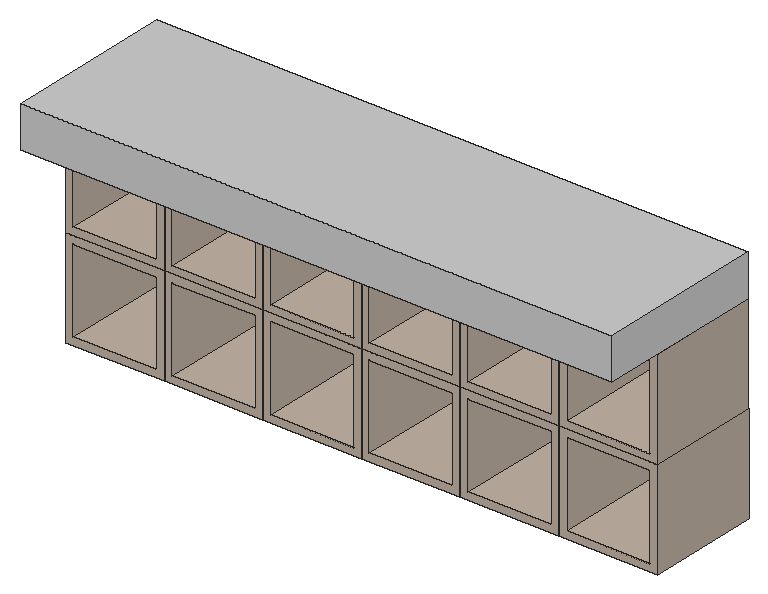
Revit family "GNW_A3-400x1000mm-Air-Bricks", category Windows, host Wall, Revit 2016
Family settings
  Host = Wall
  Always vertical = Yes
  Cut with Voids When Loaded = No
  Shared = No
  Room Calculation Point = No
Parameters (values of type "1200 x 400mm Air Bricks")
  Height = 485 mm
  Default Sill Height = 1700 mm
  Wall Closure = By host
  Width = 1200 mm
  Construction Type = "AB05"
  Assembly Code = ""
Reference planes
  plane 1: y = 0
  plane 2 "Center (Left/Right)": x = 0
  plane 3 "Left": x = -600
  plane 4 "Right": x = 600
  plane 5 "Sill": z = 1700
  plane 6 "Head": z = 2185
  plane 7 "Exterior": y = 172.5
  plane 8 "Interior": y = -172.5
Forms (mm)
  Extrusion 1, solid, material "Concrete - Cast In Situ"
    sketch origin (-600, 0, 0) x (0, -1, 0) y (0, 0, 1)
      loop
        line (-172.5, 2185) -> (-172.5, 2100) -> (172.5, 2100) -> (172.5, 2185) -> (-172.5, 2185)
    from -1200 to 0
Lines and regions (mm)
  Opening 1
    outline origin (3500, -172.5, 0) x (1, 0, 0) y (0, 0, 1)
      loop
        line (-2900, 1700) -> (-2900, 2185) -> (-4100, 2185) -> (-4100, 1700) -> (-2900, 1700)
Text (mm)
  text "EXTERIOR" at (-1963.203, 1332.353, 0), in view "Ref. Level"
  text "INTERIOR" at (-1981.466, -818.386, 0), in view "Ref. Level"
  text "Exterior" at (0, 923.751, 2943.296), in view "Right"
  text "Exterior" at (0, 1040.484, 2685.409), in view "Left"
Dimensions and locks
  equal spacing: plane 3 "Left", plane 2 "Center (Left/Right)", plane 4 "Right"
  "Width": plane 3 "Left" to plane 4 "Right"
  "Height": plane 5 "Sill" to plane 6 "Head"
  "Default Sill Height": plane 5 "Sill" to level
  locked: plane 7 "Exterior" to host wall at 0
  locked: plane 8 "Interior" to host wall
  level to Extrusion 1 = 2100 mm
  aligned and locked: Extrusion 1 to host wall
Automatic sketch dimensions
  Opening 1 sketch curve to plane 3 "Left" = 0 mm
  Opening 1 sketch curve to plane 4 "Right" = 0 mm
  Opening 1 sketch curve to plane 5 "Sill" = 0 mm
  Opening 1 sketch curve to plane 6 "Head" = 0 mm
  Extrusion 1 sketch curve to host wall = 0 mm  (x2)
  Extrusion 1 sketch curve to plane 6 "Head" = 0 mm
  plane 6 "Head" to Extrusion 1 sketch curve = 85 mm
Nested families
  nested 1: "Air Brick" at (-600, 172.5, 1700), type "Air Brick"
  nested 2: "Air Brick" at (-400, 172.5, 1700), type "Air Brick"
  nested 3: "Air Brick" at (-200, 172.5, 1700), type "Air Brick"
  nested 4: "Air Brick" at (0, 172.5, 1700), type "Air Brick"
  nested 5: "Air Brick" at (200, 172.5, 1700), type "Air Brick"
  nested 6: "Air Brick" at (400, 172.5, 1700), type "Air Brick"
  nested 7: "Air Brick" at (-600, 172.5, 1900), type "Air Brick"
  nested 8: "Air Brick" at (-400, 172.5, 1900), type "Air Brick"
  nested 9: "Air Brick" at (-200, 172.5, 1900), type "Air Brick"
  nested 10: "Air Brick" at (0, 172.5, 1900), type "Air Brick"
  nested 11: "Air Brick" at (200, 172.5, 1900), type "Air Brick"
  nested 12: "Air Brick" at (400, 172.5, 1900), type "Air Brick"
Definition of nested family "Air Brick"
  Reference planes
    plane 1 "Center (Front/Back)": y = 0
    plane 2: z = 0
    plane 3 "Center (Left/Right)": x = 0
  Forms (mm)
    Extrusion 1, solid
      sketch origin (0, 0, 0) x (1, 0, 0) y (0, 0, 1)
        loop
          line (0, 0) -> (200, 0) -> (200, 200) -> (0, 200) -> (0, 0)
        loop
          line (185, 185) -> (15, 185) -> (15, 15) -> (185, 15) -> (185, 185)
      from 0 to 230
